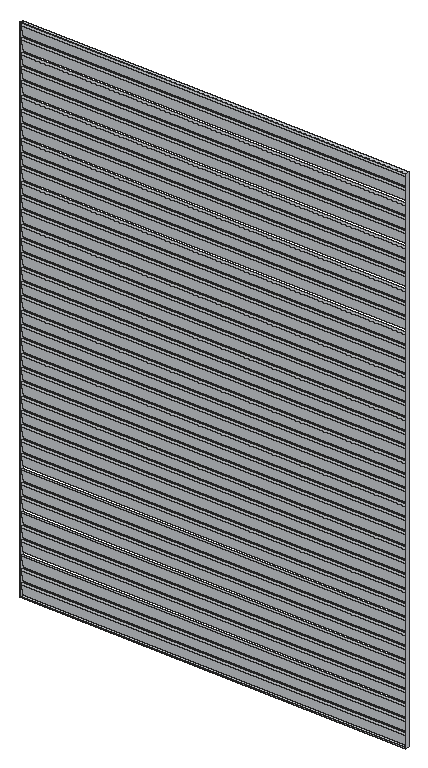
Revit family "Панель витражная решетка", category Панели витража, Revit 2021
Family settings
  Номер OmniClass = 23.25.20.14.11.11.17
  Заголовок OmniClass = Infill Panels
  Всегда вертикально = Да
  При загрузке вырезать с полостями = Нет
  Общий = Нет
Parameters
  Ширина 2 [instance] = Ширина - 2 * Толщина рамы  # 2990 mm
  Ширина [instance] = 3000 mm
  Толщина рамы = 5 mm
  Определить тепловые свойства по = Тип схем
  Материал решетки = Профиль оконных конструкций
  Группа модели = "BRU_ПанельВитража"
  Глубина рамы = 25 mm
  Высота [instance] = 4000 mm
  Аналитическая конструкция = "<Нет>"
  N [instance] = Высота / 100 mm  # 40
Reference planes
  plane 1 "По центру (Вперед/Назад)": y = 0
  plane 2: z = 0
  plane 3 "По центру (Влево/Вправо)": x = 0
  plane 4 "Слева": x = -1500
  plane 5 "Справа": x = 1500
  plane 6 "Верх": z = 4000
  plane 7: x = 1495
  plane 8: x = -1495
  plane 9: z = 3995
  plane 10: z = 5
  plane 11: y = -25
Forms (mm)
  Extrusion 1, solid
    sketch origin (0, 0, 0) x (1, 0, 0) y (0, 0, 1)
      loop
        line (1500, 4000) -> (-1500, 4000) -> (-1500, 0) -> (1500, 0) -> (1500, 4000)
      loop
        line (1495, 5) -> (1495, 3995) -> (-1495, 3995) -> (-1495, 5) -> (1495, 5)
    from 0 to 25
Text (mm)
  text "Exterior" at (-2351.972, 1416.179, 0), in view "Опорный уровень"
  text "Exterior" at (0, 2290.741, 4406.713), in view "Слева"
  text "Exterior" at (0, 1328.187, 4120.349), in view "Справа"
Dimensions and locks
  equal spacing: plane 4 "Слева", plane 3 "По центру (Влево/Вправо)", plane 5 "Справа"
  "Толщина рамы": plane 2 to plane 10
  "Толщина рамы": plane 7 to plane 5 "Справа"
  "Толщина рамы": plane 4 "Слева" to plane 8
  "Толщина рамы": plane 9 to plane 6 "Верх"
  "Глубина рамы": plane 1 "По центру (Вперед/Назад)" to plane 11
  equal spacing: group 1, group 3, group 4, group 5, group 6, group 7, group 8, group 9, group 10, group 11, group 12, group 13, group 14, group 15, group 16, group 17, group 18, group 19, group 20, group 21, group 22, group 23, group 24, group 25, group 26, group 27, group 28, group 29, group 30, group 31, group 32, group 33, group 34, group 35, group 36, group 37, group 38, group 39, group 40, group 2  (x3)
  "Высота": plane 2 to plane 6 "Верх"
  "Ширина": plane 4 "Слева" to plane 5 "Справа"
  aligned and locked: level to plane 2
  aligned and locked: Extrusion 1 sketch curve to plane 6 "Верх"
  aligned and locked: Extrusion 1 sketch curve to plane 5 "Справа"
  aligned and locked: Extrusion 1 sketch curve to plane 2
  aligned and locked: plane 4 "Слева" to Extrusion 1 sketch curve
  aligned and locked: plane 10 to Extrusion 1 sketch curve
  aligned and locked: plane 7 to Extrusion 1 sketch curve
  aligned and locked: Extrusion 1 sketch curve to plane 9
  aligned and locked: Extrusion 1 sketch curve to plane 8
  aligned and locked: plane 11 to Extrusion 1
  aligned and locked: nested 1 to plane 10
  aligned and locked: plane 1 "По центру (Вперед/Назад)" to nested 1
  aligned and locked: plane 9 to nested 2
  aligned and locked: nested 2 to plane 7
  aligned and locked: nested 1 to plane 7
Nested families
  nested 1: "Семейство2" at (-1495, 0, 5), Ширина <- "Глубина рамы", Длина <- "Ширина 2", жалюзи <- "Материал решетки", type "Семейство2"
    with жалюзи Профиль оконных конструкций, Ширина 25 mm, Длина 2990 mm
  nested 2: "Семейство2" at (-1495, 0, 3895), Ширина <- "Глубина рамы", Длина <- "Ширина 2", жалюзи <- "Материал решетки", type "Семейство2"
    with жалюзи Профиль оконных конструкций, Ширина 25 mm, Длина 2990 mm
  nested 3: "Семейство2" at (-1495, 0, 104.744), Ширина <- "Глубина рамы", Длина <- "Ширина 2", жалюзи <- "Материал решетки", type "Семейство2"
    with жалюзи Профиль оконных конструкций, Ширина 25 mm, Длина 2990 mm
  nested 4: "Семейство2" at (-1495, 0, 204.487), Ширина <- "Глубина рамы", Длина <- "Ширина 2", жалюзи <- "Материал решетки", type "Семейство2"
    with жалюзи Профиль оконных конструкций, Ширина 25 mm, Длина 2990 mm
  nested 5: "Семейство2" at (-1495, 0, 304.231), Ширина <- "Глубина рамы", Длина <- "Ширина 2", жалюзи <- "Материал решетки", type "Семейство2"
    with жалюзи Профиль оконных конструкций, Ширина 25 mm, Длина 2990 mm
  nested 6: "Семейство2" at (-1495, 0, 403.974), Ширина <- "Глубина рамы", Длина <- "Ширина 2", жалюзи <- "Материал решетки", type "Семейство2"
    with жалюзи Профиль оконных конструкций, Ширина 25 mm, Длина 2990 mm
  nested 7: "Семейство2" at (-1495, 0, 503.718), Ширина <- "Глубина рамы", Длина <- "Ширина 2", жалюзи <- "Материал решетки", type "Семейство2"
    with жалюзи Профиль оконных конструкций, Ширина 25 mm, Длина 2990 mm
  nested 8: "Семейство2" at (-1495, 0, 603.462), Ширина <- "Глубина рамы", Длина <- "Ширина 2", жалюзи <- "Материал решетки", type "Семейство2"
    with жалюзи Профиль оконных конструкций, Ширина 25 mm, Длина 2990 mm
  nested 9: "Семейство2" at (-1495, 0, 703.205), Ширина <- "Глубина рамы", Длина <- "Ширина 2", жалюзи <- "Материал решетки", type "Семейство2"
    with жалюзи Профиль оконных конструкций, Ширина 25 mm, Длина 2990 mm
  nested 10: "Семейство2" at (-1495, 0, 802.949), Ширина <- "Глубина рамы", Длина <- "Ширина 2", жалюзи <- "Материал решетки", type "Семейство2"
    with жалюзи Профиль оконных конструкций, Ширина 25 mm, Длина 2990 mm
  nested 11: "Семейство2" at (-1495, 0, 902.692), Ширина <- "Глубина рамы", Длина <- "Ширина 2", жалюзи <- "Материал решетки", type "Семейство2"
    with жалюзи Профиль оконных конструкций, Ширина 25 mm, Длина 2990 mm
  nested 12: "Семейство2" at (-1495, 0, 1002.436), Ширина <- "Глубина рамы", Длина <- "Ширина 2", жалюзи <- "Материал решетки", type "Семейство2"
    with жалюзи Профиль оконных конструкций, Ширина 25 mm, Длина 2990 mm
  nested 13: "Семейство2" at (-1495, 0, 1102.179), Ширина <- "Глубина рамы", Длина <- "Ширина 2", жалюзи <- "Материал решетки", type "Семейство2"
    with жалюзи Профиль оконных конструкций, Ширина 25 mm, Длина 2990 mm
  nested 14: "Семейство2" at (-1495, 0, 1201.923), Ширина <- "Глубина рамы", Длина <- "Ширина 2", жалюзи <- "Материал решетки", type "Семейство2"
    with жалюзи Профиль оконных конструкций, Ширина 25 mm, Длина 2990 mm
  nested 15: "Семейство2" at (-1495, 0, 1301.667), Ширина <- "Глубина рамы", Длина <- "Ширина 2", жалюзи <- "Материал решетки", type "Семейство2"
    with жалюзи Профиль оконных конструкций, Ширина 25 mm, Длина 2990 mm
  nested 16: "Семейство2" at (-1495, 0, 1401.41), Ширина <- "Глубина рамы", Длина <- "Ширина 2", жалюзи <- "Материал решетки", type "Семейство2"
    with жалюзи Профиль оконных конструкций, Ширина 25 mm, Длина 2990 mm
  nested 17: "Семейство2" at (-1495, 0, 1501.154), Ширина <- "Глубина рамы", Длина <- "Ширина 2", жалюзи <- "Материал решетки", type "Семейство2"
    with жалюзи Профиль оконных конструкций, Ширина 25 mm, Длина 2990 mm
  nested 18: "Семейство2" at (-1495, 0, 1600.897), Ширина <- "Глубина рамы", Длина <- "Ширина 2", жалюзи <- "Материал решетки", type "Семейство2"
    with жалюзи Профиль оконных конструкций, Ширина 25 mm, Длина 2990 mm
  nested 19: "Семейство2" at (-1495, 0, 1700.641), Ширина <- "Глубина рамы", Длина <- "Ширина 2", жалюзи <- "Материал решетки", type "Семейство2"
    with жалюзи Профиль оконных конструкций, Ширина 25 mm, Длина 2990 mm
  nested 20: "Семейство2" at (-1495, 0, 1800.385), Ширина <- "Глубина рамы", Длина <- "Ширина 2", жалюзи <- "Материал решетки", type "Семейство2"
    with жалюзи Профиль оконных конструкций, Ширина 25 mm, Длина 2990 mm
  nested 21: "Семейство2" at (-1495, 0, 1900.128), Ширина <- "Глубина рамы", Длина <- "Ширина 2", жалюзи <- "Материал решетки", type "Семейство2"
    with жалюзи Профиль оконных конструкций, Ширина 25 mm, Длина 2990 mm
  nested 22: "Семейство2" at (-1495, 0, 1999.872), Ширина <- "Глубина рамы", Длина <- "Ширина 2", жалюзи <- "Материал решетки", type "Семейство2"
    with жалюзи Профиль оконных конструкций, Ширина 25 mm, Длина 2990 mm
  nested 23: "Семейство2" at (-1495, 0, 2099.615), Ширина <- "Глубина рамы", Длина <- "Ширина 2", жалюзи <- "Материал решетки", type "Семейство2"
    with жалюзи Профиль оконных конструкций, Ширина 25 mm, Длина 2990 mm
  nested 24: "Семейство2" at (-1495, 0, 2199.359), Ширина <- "Глубина рамы", Длина <- "Ширина 2", жалюзи <- "Материал решетки", type "Семейство2"
    with жалюзи Профиль оконных конструкций, Ширина 25 mm, Длина 2990 mm
  nested 25: "Семейство2" at (-1495, 0, 2299.103), Ширина <- "Глубина рамы", Длина <- "Ширина 2", жалюзи <- "Материал решетки", type "Семейство2"
    with жалюзи Профиль оконных конструкций, Ширина 25 mm, Длина 2990 mm
  nested 26: "Семейство2" at (-1495, 0, 2398.846), Ширина <- "Глубина рамы", Длина <- "Ширина 2", жалюзи <- "Материал решетки", type "Семейство2"
    with жалюзи Профиль оконных конструкций, Ширина 25 mm, Длина 2990 mm
  nested 27: "Семейство2" at (-1495, 0, 2498.59), Ширина <- "Глубина рамы", Длина <- "Ширина 2", жалюзи <- "Материал решетки", type "Семейство2"
    with жалюзи Профиль оконных конструкций, Ширина 25 mm, Длина 2990 mm
  nested 28: "Семейство2" at (-1495, 0, 2598.333), Ширина <- "Глубина рамы", Длина <- "Ширина 2", жалюзи <- "Материал решетки", type "Семейство2"
    with жалюзи Профиль оконных конструкций, Ширина 25 mm, Длина 2990 mm
  nested 29: "Семейство2" at (-1495, 0, 2698.077), Ширина <- "Глубина рамы", Длина <- "Ширина 2", жалюзи <- "Материал решетки", type "Семейство2"
    with жалюзи Профиль оконных конструкций, Ширина 25 mm, Длина 2990 mm
  nested 30: "Семейство2" at (-1495, 0, 2797.821), Ширина <- "Глубина рамы", Длина <- "Ширина 2", жалюзи <- "Материал решетки", type "Семейство2"
    with жалюзи Профиль оконных конструкций, Ширина 25 mm, Длина 2990 mm
  nested 31: "Семейство2" at (-1495, 0, 2897.564), Ширина <- "Глубина рамы", Длина <- "Ширина 2", жалюзи <- "Материал решетки", type "Семейство2"
    with жалюзи Профиль оконных конструкций, Ширина 25 mm, Длина 2990 mm
  nested 32: "Семейство2" at (-1495, 0, 2997.308), Ширина <- "Глубина рамы", Длина <- "Ширина 2", жалюзи <- "Материал решетки", type "Семейство2"
    with жалюзи Профиль оконных конструкций, Ширина 25 mm, Длина 2990 mm
  nested 33: "Семейство2" at (-1495, 0, 3097.051), Ширина <- "Глубина рамы", Длина <- "Ширина 2", жалюзи <- "Материал решетки", type "Семейство2"
    with жалюзи Профиль оконных конструкций, Ширина 25 mm, Длина 2990 mm
  nested 34: "Семейство2" at (-1495, 0, 3196.795), Ширина <- "Глубина рамы", Длина <- "Ширина 2", жалюзи <- "Материал решетки", type "Семейство2"
    with жалюзи Профиль оконных конструкций, Ширина 25 mm, Длина 2990 mm
  nested 35: "Семейство2" at (-1495, 0, 3296.538), Ширина <- "Глубина рамы", Длина <- "Ширина 2", жалюзи <- "Материал решетки", type "Семейство2"
    with жалюзи Профиль оконных конструкций, Ширина 25 mm, Длина 2990 mm
  nested 36: "Семейство2" at (-1495, 0, 3396.282), Ширина <- "Глубина рамы", Длина <- "Ширина 2", жалюзи <- "Материал решетки", type "Семейство2"
    with жалюзи Профиль оконных конструкций, Ширина 25 mm, Длина 2990 mm
  nested 37: "Семейство2" at (-1495, 0, 3496.026), Ширина <- "Глубина рамы", Длина <- "Ширина 2", жалюзи <- "Материал решетки", type "Семейство2"
    with жалюзи Профиль оконных конструкций, Ширина 25 mm, Длина 2990 mm
  nested 38: "Семейство2" at (-1495, 0, 3595.769), Ширина <- "Глубина рамы", Длина <- "Ширина 2", жалюзи <- "Материал решетки", type "Семейство2"
    with жалюзи Профиль оконных конструкций, Ширина 25 mm, Длина 2990 mm
  nested 39: "Семейство2" at (-1495, 0, 3695.513), Ширина <- "Глубина рамы", Длина <- "Ширина 2", жалюзи <- "Материал решетки", type "Семейство2"
    with жалюзи Профиль оконных конструкций, Ширина 25 mm, Длина 2990 mm
  nested 40: "Семейство2" at (-1495, 0, 3795.256), Ширина <- "Глубина рамы", Длина <- "Ширина 2", жалюзи <- "Материал решетки", type "Семейство2"
    with жалюзи Профиль оконных конструкций, Ширина 25 mm, Длина 2990 mm
Definition of nested family "Семейство2"
  Parameters (values of type "Семейство2")
    жалюзи [instance] = none
    Ширина [instance] = 200 mm
    Default Elevation = 0 mm
    Длина [instance] = 993.536 mm
    Высота = 100 mm
  Reference planes
    plane 1 "По центру (Вперед/Назад)": y = 0
    plane 2: z = 0
    plane 3 "По центру (Влево/Вправо)": x = 0
    plane 4: y = -200
    plane 5: z = 100
    plane 6: x = 993.536
  Forms (mm)
    Extrusion 1, solid, material <- "жалюзи"
      sketch origin (0, 0, 0) x (0, 1, 0) y (0, 0, 1)
        loop
          line (0, 0) -> (-200, 100) -> (-200, 94.41) -> (-11.18, 0) -> (0, 0)
      from 0 to 993.536
  Dimensions and locks
    "Высота": plane 5 to level
    "Ширина": plane 1 "По центру (Вперед/Назад)" to plane 4
    Extrusion 1 sketch curve to Extrusion 1 sketch curve = 5 mm
    "Длина": plane 3 "По центру (Влево/Вправо)" to plane 6
    aligned and locked: level to plane 2
    aligned and locked: level to Extrusion 1 sketch curve
    aligned and locked: Extrusion 1 sketch curve to plane 4
    aligned and locked: plane 1 "По центру (Вперед/Назад)" to Extrusion 1 sketch curve
    aligned and locked: plane 6 to Extrusion 1
  Automatic sketch dimensions
    Extrusion 1 sketch curve to plane 5 = 0 mm
